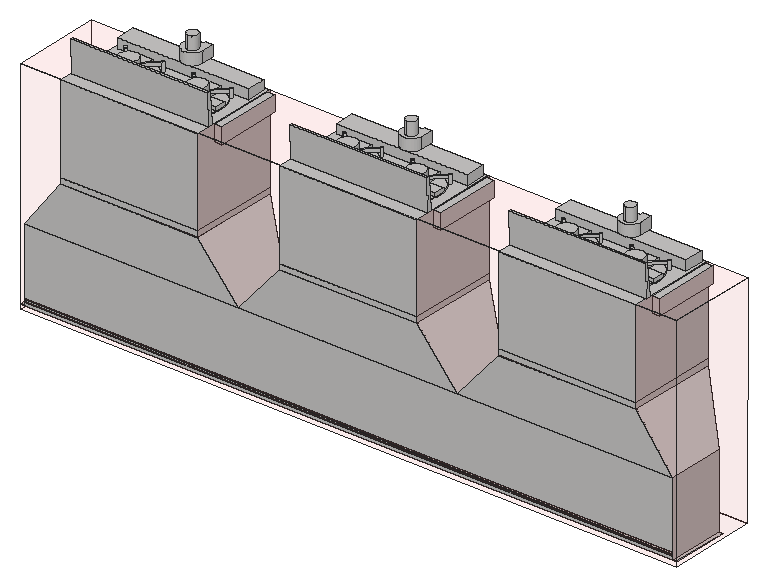
Revit family "Air-Curtain_Industrial_PoweredAire_Gas-Indirect-3Heater", category Mechanical Equipment, host Face, Revit 2020
Family settings
  Host = Face
  Round Connector Dimension = Use Diameter
  Part Type = Normal
  OmniClass Number = 23.75.35.17.21
  OmniClass Title = Air Curtains
  Cut with Voids When Loaded = No
  Shared = No
  Room Calculation Point = No
Parameters (values of type "22 ft Opening EHD 240'' Nozzle")
  topbracket [instance] = Unit Height = 1' 4 3/4"  # no
  Warranty Duration (Years) = 0
  Unit Width Notes = "Other Widths available."  # constant formula
  Unit Width = 20' - 3 3/8"
  Unit Weight = 2870
  Unit Height = 1' - 9"
  Unit Depth = 2' - 3 1/4"
  URL = "http://www.poweredaire.com/"
  Test Data = ""
  Standards Conformance = "AGA  ;  Made in USA"
  Specification = "http://www.arcat.com/sdspecs/htm04/23_34_33pai.htm"
  SpecWizard = ""
  Sound Pressure = ">71 dBA"
  Sales Information = "http://www.poweredaire.com/contact_us"
  Revision = "R1_2016-08"
  Projection from Host [instance] = 0' - 2"
  Product Properties = ""
  Product Data = "http://www.arcat.com/arcatcos/cos47/arc47623.html"
  Power Rating = 0 W
  Piping_Operating Pressure [instance] = 0.00 psi
  Pipe OD [instance] = 5/8"
  Overall Depth = 6' - 7 3/4"
  Nozzle Width = if(1 = 1, Unit Width - 0' 3", 0' 0")  # 20' - 0 3/8"
  Mounting Width = if(1 = 1, Unit Width - 0' 1 1/2", 0' 0")  # 20' - 1 7/8"
  Mounting Height [instance] = 3' - 6"
  Motor RPM = 1160
  Motor HP = 5
  Motor Count = 4
  Model = "EHD-4-240IG"
  Max Height = 22' - 0"
  Manufacturer Website = "http://www.poweredaire.com/"
  Manufacturer Phone - Toll Free = "888-321-2473"
  Manufacturer Phone = "724-588-3305"
  Manufacturer Fax = "724-588-3371"
  Manufacturer Address = "109 Mortensen Rd.  Greenville, PA 16125"
  Manufacturer = "Powered Aire, Inc"
  Maintenance Schedule (Months) = 0
  Keynote = "23 34 33"
  Installation-Fabrication = ""
  Installation Phase = ""
  Include Clearance [instance] = yes
  Heating Element Load = 0 W
  Heater Weight = 0
  Heater Hanging Width = 4' - 0 5/8"
  Heater Finish [instance] = Metal - Steel - PoweredAire - Stainless 304
  HVAC_Temperature Rise = 27 °F
  HVAC_Primary CFM = 0 CFM
  HVAC_Outlet Volume = 29100 CFM
  HVAC_Outlet Velocity Uniformity = 0.95
  HVAC_Outlet Velocity = 4400 FPM
  HVAC_Exit Temperature [instance] = 0 °F
  HVAC_BTU Output = 840000.0 Btu/h
  HVAC_BTU Input = 350000.0 Btu/h
  Green Building-LEED = "http://www.arcat.com/green/clients/leed_data_47623.html"
  Gas Connection Diameter [instance] = 0"
  Frame Finish [instance] = Metal - Steel - PoweredAire - Stainless 304
  Expected Lifespan (Years) = 0
  Exhaust Connection Diameter = 0' - 6"
  Electrical_Wattage [instance] = Power Rating + Heating Element Load  # 0 W
  Electrical_Voltage [instance] = 0 V
  Electrical_Phase [instance] = 1
  Electrical_Frequency [instance] = 0 Hz
  Electrical_Amperage [instance] = 0 A
  Drawn By = "Sumex Design, Inc. / Robert S. Weygant, CSI, CDT, SCIP"
  Description = "Powered Aire Indirect Gas Heated Industrial Air Curtain - EHD-4-240IG as Specified"
  Default Elevation = 0' - 0"  # constant formula
  Copyright = "©Arcat Inc."
  Construction Details = "http://www.arcat.com/details/powair/prod3336.html"
  Clearance_Top [instance] = 1' - 0"
  Clearance_Side B [instance] = 0' - 0"
  Clearance_Side A [instance] = 0' - 0"
  Clearance_Intake [instance] = 0' - 0"
  Clearance_Bottom [instance] = 0' - 0"
  Clearance Material [instance] = ARCAT Clearance
  Building Codes = ""
  Available Options [instance] = "as Specified"
  Assembly Code = "D3090400"
Types (5): name | Unit Width | Unit Weight | Sound Pressure | Nozzle Width | Mounting Width | Motor HP | Motor Count | Model | Max Height | HVAC_Temperature Rise | HVAC_Outlet Volume | HVAC_Outlet Velocity Uniformity | HVAC_Outlet Velocity | Description
  22 ft Opening EHD 240'' Nozzle | 20' - 3 3/8" | 2870 | ">71 dBA" | 20' - 0 3/8" | 20' - 1 7/8" | 5 | 4 | "EHD-4-240IG" | 22' - 0" | 27 °F | 29100 CFM | 0.95 | 4400 FPM | "Powered Aire Indirect Gas Heated Industrial Air Curtain - EHD-4-240IG as Specified"
  22 ft Opening EHD 228'' Nozzle | 19' - 3 3/8" | 2800 | ">71 dBA" | 19' - 0 3/8" | 19' - 1 7/8" | 5 | 4 | "EHD-4-228IG" | 22' - 0" | 27 °F | 28300 CFM | 0.94 | 4800 FPM | "Powered Aire Indirect Gas Heated Industrial Air Curtain - EHD-4-228IG as Specified"
  17 ft Opening TSD 240'' Nozzle 5 Motor | 20' - 3 1/2" | 2550 | ">69 dBA" | 20' - 0 1/2" | 20' - 2" | 3 | 5 | "TSD-5-240IG" | 17' - 0" | 34 °F | 25900 CFM | 0.951 | 3900 FPM | "Powered Aire Indirect Gas Heated Industrial Air Curtain - TSD-5-240IG as Specified"
  17 ft Opening TSD 240'' Nozzle 4 Motor | 20' - 3 3/8" | 2330 | ">69 dBA" | 20' - 0 3/8" | 20' - 1 7/8" | 3 | 4 | "TSD-4-240IG" | 17' - 0" | 38 °F | 21500 CFM | 0.863 | 3300 FPM | "Powered Aire Indirect Gas Heated Industrial Air Curtain - TSD-4-240IG as Specified"
  17 ft Opening TSD 228'' Nozzle | 19' - 3 3/8" | 2310 | ">69 dBA" | 19' - 0 3/8" | 19' - 1 7/8" | 3 | 4 | "TSD-4-228IG" | 17' - 0" | 40 °F | 20800 CFM | 0.863 | 3300 FPM | "Powered Aire Indirect Gas Heated Industrial Air Curtain - TSD-4-228IG as Specified"
Reference planes (in)
  plane 1 "Center (Elevation)": y = 0.13818
  plane 2: z = 0
  plane 3 "Center (Left/Right)": x = 0
  plane 4 "Top": y = 10.63818
  plane 5: y = -10.36182
  plane 6: x = -121.6875
  plane 7: x = 121.6875
  plane 8 "Front": z = 29.25
  plane 9 "FF": y = -41.86182
  plane 10: z = 2
  plane 11: x = 120.1875
  plane 12: x = -120.1875
  plane 13: y = 22.63818
  plane 14: y = -10.36182
  plane 15: x = -121.6875
  plane 16: x = 121.6875
  plane 17: z = 81.75
  plane 18: x = 120.125
  plane 19: x = -120.125
  plane 20: x = 120.1875
  plane 21: x = 120.1875
  plane 22: y = 8.13818
  plane 23: y = -7.86182
  plane 24: z = 81.75
  plane 25: z = 49.25
  plane 26: z = 47.25
  plane 27: x = -56.8125
  plane 28: x = -105.4375
  plane 29: x = -55.75
  plane 30: x = -106.5
  plane 31: x = 56.8125
  plane 32: x = 105.4375
  plane 33: x = 55.75
  plane 34: x = 106.5
  plane 35: x = -81.125
  plane 36: x = 81.125
  plane 37: x = -24.3125
  plane 38: x = 24.3125
  plane 39: x = -25.375
  plane 40: x = 25.375
  plane 41: x = -40.5625
  plane 42: x = 40.5625
Forms (in)
  Extrusion 1, solid, material "Metal - Steel - PoweredAire - Stainless 304" <- "Frame Finish"
    sketch origin (0, 0, 0) x (0, 1, 0) y (0, 0, 1)
      loop
        line (-10.36182, 2) -> (10.63818, 2) -> (10.63818, 29.25) -> (-10.36182, 29.25) -> (-10.36182, 2)
    from -120.1875 to 120.1875
  Extrusion 2, solid, material "ARCAT Clearance" <- "Clearance Material", visible <- "Include Clearance"
    sketch origin (0, 0, 0) x (0, 1, 0) y (0, 0, 1)
      loop
        line (-10.36182, 81.75) -> (-10.36182, 0) -> (22.63818, 0) -> (22.63818, 81.75) -> (-10.36182, 81.75)
    from -121.6875 to 121.6875
  Extrusion 3, solid, material "Metal - Steel - PoweredAire - Stainless 304" <- "Frame Finish"
    sketch origin (-15.17702, -180, 2) x (-1, 0, 0) y (0, -1, 0)
      loop
        line (-135.36452, -190.63818) -> (-135.36452, -169.63818) -> (-136.86452, -169.63818) -> (-136.86452, -190.63818) -> (-135.36452, -190.63818)
      loop
        line (105.01048, -190.63818) -> (106.51048, -190.63818) -> (106.51048, -169.63818) -> (105.01048, -169.63818) -> (105.01048, -190.63818)
    from 0 to 0.125
  Extrusion 4, solid, material "Metal - Steel - PoweredAire - Stainless 304" <- "Frame Finish", visible <- "topbracket"
    sketch origin (-11.83813, 10.63818, 48) x (-1, 0, 0) y (0, 0, 1)
      loop
        line (-132.02563, -45.5) -> (-132.02563, -42.75) -> (-133.52563, -42.75) -> (-133.52563, -45.5) -> (-132.02563, -45.5)
      loop
        line (-132.02563, -21.5) -> (-132.02563, -18.75) -> (-133.52563, -18.75) -> (-133.52563, -21.5) -> (-132.02563, -21.5)
      loop
        line (108.34937, -45.5) -> (109.84937, -45.5) -> (109.84937, -42.75) -> (108.34937, -42.75) -> (108.34937, -45.5)
      loop
        line (108.34937, -21.5) -> (109.84937, -21.5) -> (109.84937, -18.75) -> (108.34937, -18.75) -> (108.34937, -21.5)
    from 0 to -0.125
  Extrusion 5, void
    sketch origin (0, 0, 0) x (0, 1, 0) y (0, 0, 1)
      loop
        line (-10.36182, 3) -> (-9.36182, 3) -> (-9.36182, 4.5) -> (-10.36182, 4.5) -> (-10.36182, 3.82425) -> (-9.50864, 3.82425) -> (-9.50864, 3.57425) -> (-10.36182, 3.57425) -> (-10.36182, 3)
    from -120.125 to 120.125
  Blend 6, solid, material "Metal - Steel - PoweredAire - Stainless 304" <- "Frame Finish"
    base sketch origin (-15.17702, -180, 29.25) x (-1, 0, 0) y (0, -1, 0)
      loop
        line (105.01048, -190.63818) -> (105.01048, -169.63818) -> (25.38548, -169.63818) -> (25.38548, -190.63818) -> (105.01048, -190.63818)
    top sketch origin (-15.17702, -180, 29.25) x (-1, 0, 0) y (0, -1, 0)
      loop
        line (40.57298, -169.63818) -> (40.57298, -202.63818) -> (91.32298, -202.63818) -> (91.32298, -169.63818) -> (40.57298, -169.63818)
    from 0 to 18
  Blend 7, solid, material "Metal - Steel - PoweredAire - Stainless 304" <- "Frame Finish"
    base sketch origin (15.17702, -180, 29.25) x (1, 0, 0) y (0, 1, 0)
      loop
        line (105.01048, 190.63818) -> (25.38548, 190.63818) -> (25.38548, 169.63818) -> (105.01048, 169.63818) -> (105.01048, 190.63818)
    top sketch origin (15.17702, -180, 29.25) x (1, 0, 0) y (0, 1, 0)
      loop
        line (91.32298, 169.63818) -> (91.32298, 202.63818) -> (40.57298, 202.63818) -> (40.57298, 169.63818) -> (91.32298, 169.63818)
    from 0 to 18
  Blend 8, solid, material "Metal - Steel - PoweredAire - Stainless 304" <- "Frame Finish"
    base sketch origin (-61.94798, -180, 29.25) x (1, 0, 0) y (0, 1, 0)
      loop
        line (102.51048, 190.63818) -> (21.38548, 190.63818) -> (21.38548, 169.63818) -> (102.51048, 169.63818) -> (102.51048, 190.63818)
    top sketch origin (-61.94798, -180, 29.25) x (1, 0, 0) y (0, 1, 0)
      loop
        line (36.57298, 169.63818) -> (87.32298, 169.63818) -> (87.32298, 202.63818) -> (36.57298, 202.63818) -> (36.57298, 169.63818)
    from 0 to 18
Cuts and joins
  Extrusion 5 cuts Extrusion 1
Dimensions and locks (in)
  equal spacing: plane 4 "Top", plane 1 "Center (Elevation)", plane 5
  "Unit Height": plane 4 "Top" to plane 5
  "Unit Width": plane 6 to plane 7
  "Mounting Height": plane 1 "Center (Elevation)" to plane 9 "FF"
  "Projection from Host": plane 10 to level
  "Unit Depth": plane 8 "Front" to plane 10
  locked: plane 6 to plane 12 at 1.5
  locked: plane 11 to plane 7 at 1.5
  "Clearance_Side A": plane 7 to plane 16
  "Clearance_Side B": plane 15 to plane 6
  "Clearance_Top": plane 13 to plane 4 "Top"
  "Clearance_Bottom": plane 5 to plane 14
  "Clearance_Intake": plane 17 to plane 24
  Extrusion 5 sketch curve to Extrusion 5 sketch curve to Extrusion 5 sketch curve to Extrusion 5 sketch curve to plane 10 = 0' - 0.67575" locked, 0' - 0 1/4" locked, 0' - 0.57425" locked, 0' - 1" locked
  plane 5 to Extrusion 5 sketch curve to Extrusion 5 sketch curve = 0' - 0.85319" locked, 0' - 0.14681" locked
  locked: plane 19 to plane 12 at 0.0625
  locked: plane 11 to plane 18 at 0.0625
  locked: plane 20 to plane 11
  locked: plane 21 to plane 11
  locked: plane 4 "Top" to plane 22 at 2.5
  locked: plane 23 to plane 5 at 2.5
  "Overall Depth": plane 24 to plane 10
  locked: plane 25 to plane 26 at 2
  locked: plane 24 to plane 25 at 32.5
  locked: Blend 6 sketch curve to plane 5 at 33
  Extrusion 4 sketch curve to Extrusion 4 sketch curve to plane 10 = 0' - 2 3/4" locked, 0' - 0 1/2" locked  (x2)
  plane 8 "Front" to Extrusion 4 sketch curve to Extrusion 4 sketch curve = 0' - 0" locked, 0' - 2 3/4" locked  (x2)
  locked: plane 30 to plane 28 at 1.0625
  locked: plane 27 to plane 29 at 1.0625
  locked: plane 32 to plane 34 at 1.0625
  locked: plane 33 to plane 31 at 1.0625
  "Heater Hanging Width": plane 28 to plane 27
  equal spacing: plane 31, plane 36, plane 32
  "Heater Hanging Width": plane 31 to plane 32
  locked: Blend 7 sketch curve to plane 5 at 33
  locked: plane 38 to plane 40 at 1.0625
  locked: plane 39 to plane 37 at 1.0625
  equal spacing: plane 37, plane 3 "Center (Left/Right)", plane 38
  "Heater Hanging Width": plane 37 to plane 38
  equal spacing: plane 28, plane 35, plane 27
  equal spacing: plane 6, plane 35, plane 41, plane 3 "Center (Left/Right)", plane 42, plane 36, plane 7
  locked: Blend 8 sketch curve to plane 5 at 33
  aligned and locked: plane 2 to host face
  aligned and locked: level to host face
  aligned and locked: Extrusion 2 sketch curve to plane 17
  aligned and locked: plane 14 to Extrusion 2 sketch curve
  aligned and locked: level to Extrusion 2 sketch curve
  aligned and locked: Extrusion 2 sketch curve to plane 13
  aligned and locked: plane 16 to Extrusion 2
  aligned and locked: Extrusion 2 to plane 15
  aligned and locked: plane 11 to Extrusion 1
  aligned and locked: Extrusion 1 to plane 12
  aligned and locked: Extrusion 1 sketch curve to plane 8 "Front"
  aligned and locked: plane 24 to nested 1
  aligned and locked: plane 5 to Blend 6 sketch curve
  aligned and locked: plane 12 to Blend 6 sketch curve
  aligned and locked: Blend 6 sketch curve to plane 4 "Top"
  aligned and locked: Blend 6 sketch curve to plane 5
  aligned and locked: plane 26 to Blend 6
  aligned and locked: plane 35 to nested 1
  aligned and locked: plane 36 to nested 2
  aligned and locked: nested 2 to plane 24
  aligned and locked: plane 5 to Blend 7 sketch curve
  aligned and locked: plane 11 to Blend 7 sketch curve
  aligned and locked: Blend 7 sketch curve to plane 4 "Top"
  aligned and locked: plane 33 to Blend 7 sketch curve
  aligned and locked: Blend 7 sketch curve to plane 5
  aligned and locked: Blend 7 sketch curve to plane 34
  aligned and locked: plane 18 to cut or joined group of Extrusion 1, Extrusion 5
  aligned and locked: cut or joined group of Extrusion 1, Extrusion 5 to plane 19
  aligned and locked: plane 3 "Center (Left/Right)" to nested 3
  aligned and locked: plane 24 to nested 3
  aligned and locked: Blend 6 sketch curve to plane 41
  aligned and locked: Blend 7 sketch curve to plane 42
  aligned and locked: plane 30 to Blend 6 sketch curve
  aligned and locked: Blend 6 sketch curve to plane 29
  aligned and locked: Blend 8 sketch curve to plane 41
  aligned and locked: plane 42 to Blend 8 sketch curve
  aligned and locked: Blend 8 sketch curve to plane 5
  aligned and locked: Blend 8 sketch curve to plane 4 "Top"
  aligned and locked: Blend 8 sketch curve to plane 39
  aligned and locked: plane 40 to Blend 8 sketch curve
  aligned and locked: plane 26 to Blend 8
Automatic sketch dimensions
  host sketch curve to host sketch curve = 8' - 0"  (x2)
  Extrusion 1 sketch curve to plane 5 = 0' - 0"
  Extrusion 1 sketch curve to plane 4 "Top" = 0' - 0"
  Extrusion 1 sketch curve to plane 10 = 0' - 0"
  plane 4 "Top" to Extrusion 3 sketch curve = 0' - 0"
  Extrusion 3 sketch curve to plane 7 = 0' - 0"
  plane 5 to Extrusion 3 sketch curve = 0' - 0"
  Extrusion 3 sketch curve to plane 11 = 0' - 0"
  Extrusion 3 sketch curve to plane 4 "Top" = 0' - 0"
  Extrusion 3 sketch curve to plane 12 = 0' - 0"
  Extrusion 3 sketch curve to plane 6 = 0' - 0"
  Extrusion 3 sketch curve to plane 5 = 0' - 0"
  Extrusion 4 sketch curve to plane 7 = 0' - 0"  (x2)
  Extrusion 4 sketch curve to plane 11 = 0' - 0"  (x2)
  Extrusion 4 sketch curve to plane 12 = 0' - 0"  (x2)
  Extrusion 4 sketch curve to plane 6 = 0' - 0"  (x2)
  Extrusion 5 sketch curve to plane 5 = 0' - 0"  (x2)
  Blend 8 sketch curve to plane 5 = 0' - 0"
Nested families (in)
  nested 1: "Heater" at (-81.125, -10.36182, 49.2987) x (1, 0, 0) z (0, 1, 0), finish <- "Heater Finish", burner width <- "Heater Hanging Width", type "Heater"
    with finish Metal - Steel - PoweredAire - Stainless 304, burner width 4' - 0 5/8", Two Fan yes, One Fan no
  nested 2: "Heater" at (81.125, -10.36182, 49.2987) x (1, 0, 0) z (0, 1, 0), finish <- "Heater Finish", burner width <- "Heater Hanging Width", type "Heater"
    with finish Metal - Steel - PoweredAire - Stainless 304, burner width 4' - 0 5/8", Two Fan yes, One Fan no
  nested 3: "Heater" at (0, -10.36182, 49.2987) x (1, 0, 0) z (0, 1, 0), finish <- "Heater Finish", burner width <- "Heater Hanging Width", type "Heater"
    with finish Metal - Steel - PoweredAire - Stainless 304, burner width 4' - 0 5/8", Two Fan yes, One Fan no
Connectors (in)
  electrical at (-120.1875, 0.13818, 15.625), driven by "Electrical_Voltage", driven by "Electrical_Phase"
    settings: on cut or joined group of Extrusion 1, Extrusion 5, index 3, voltage 0 V, apparent load 0 VA, apparent load phase1 0 VA, apparent load phase2 0 VA, apparent load phase3 0 VA, power factor 1, load classification "Motor", number of poles 1, system type 31, power factor state 1, is connector primary yes, connector utility no, sub classification motor no, connector description ""
  hvac at (-78.125, 22.63818, 87.40625), driven by "Exhaust Connection Diameter", driven by "HVAC_Primary CFM"
    settings: on nested 1, index 4, duct flow 0 CFM, flow factor 0, pres drop 0.00 in-wg, loss coef 0, conn angle 0.00°, conn width 12", conn height 12", conn diameter 6", duct sys type 3, conn prof type 0, flow config 0, flow direction 2, loss method 0, conn ref index -1, conn util no, is conn primary yes, conn desc ""
  hvac at (84.125, 22.63818, 87.40625), driven by "HVAC_Primary CFM", driven by "Exhaust Connection Diameter"
    settings: on nested 2, index 5, duct flow 0 CFM, flow factor 0, pres drop 0.00 in-wg, loss coef 0, conn angle 0.00°, conn width 12", conn height 12", conn diameter 6", duct sys type 3, conn prof type 0, flow config 0, flow direction 2, loss method 0, conn ref index -1, conn util no, is conn primary no, conn desc ""
  hvac at (3, 22.63818, 87.40625), driven by "HVAC_Primary CFM", driven by "Exhaust Connection Diameter"
    settings: on nested 3, index 6, duct flow 0 CFM, flow factor 0, pres drop 0.00 in-wg, loss coef 0, conn angle 0.00°, conn width 12", conn height 12", conn diameter 6", duct sys type 3, conn prof type 0, flow config 0, flow direction 2, loss method 0, conn ref index -1, conn util no, is conn primary no, conn desc ""
Definition of nested family "Heater"
  Parameters
    finish [instance] = none
    burner width [instance] = 4' - 0 5/8"
    burner depth = 3' - 8 3/4"
    Two Fan [instance] = burner width > 4' 0"  # yes
    One Fan [instance] = burner width < 4' 0"  # no
    Default Elevation = 0' - 0"  # constant formula
  Reference planes (in)
    plane 1 "Center (Front/Back)": y = 0
    plane 2: z = 0
    plane 3 "Center (Left/Right)": x = 0
    plane 4: x = -25.375
    plane 5: x = 25.375
    plane 6: z = 33
    plane 7: y = -44.75
    plane 8: x = 3
    plane 9: x = 4.375
    plane 10: x = -12.6875
    plane 11: x = 12.6875
    plane 12: z = 15.5
    plane 13: x = -24.3125
    plane 14: x = 24.3125
  Forms (in)
    Extrusion 1, solid, material <- "finish"
      sketch origin (-74.94554, -3, 38.65968) x (0, 0, 1) y (1, 0, 0)
        loop
          line (-5.65968, 49.57054) -> (-5.65968, 100.32054) -> (-38.65968, 100.32054) -> (-38.65968, 49.57054) -> (-5.65968, 49.57054)
      from 3 to -29.4513
    Extrusion 2, solid, material <- "finish"
      sketch origin (0, 0, 0) x (0, 1, 0) y (0, 0, 1)
        loop
          line (2, 0) -> (2, 33) -> (0, 33) -> (0, 0) -> (2, 0)
      from -25.375 to 25.375
    Extrusion 3, solid, material <- "finish"
      sketch origin (-74.94554, -32.4513, 38.65968) x (0, 0, 1) y (1, 0, 0)
        loop
          line (-6.91591, 50.82971) -> (-6.91591, 99.10844) -> (-13.91591, 99.10844) -> (-13.91591, 50.82971) -> (-6.91591, 50.82971)
      from 0 to -3.625
    Extrusion 4, solid, material <- "finish"
      sketch origin (-74.94554, -36.0763, 38.65968) x (0, 0, 1) y (1, 0, 0)
        loop
          arc (-10.4052, 79.32054) -> (-12.67312, 72.60509) -> (-6.79809, 76.57054) r 3.74068
          line (-6.79809, 76.57054) -> (-5.65968, 76.57054) -> (-5.65968, 79.32054) -> (-10.4052, 79.32054)
      from 0 to -4.0625
    Extrusion 5, solid, material <- "finish"
      sketch origin (-73.58006, -40.1388, 35.52564) x (0, 0, -1) y (1, 0, 0)
        loop
          circle (7.27116, 74.21438) r 2
      from 4.6112 to 0
    Extrusion 6, solid, material <- "finish"
      sketch origin (0, 0, 0) x (1, 0, 0) y (0, 1, 0)
        loop
          line (28.3125, -32.4513) -> (28.3125, -26.7013) -> (25.3125, -26.7013) -> (25.3125, -32.4513) -> (28.3125, -32.4513)
      from 7.25 to 31.75
    Extrusion 7, solid, material <- "finish", visible <- "Two Fan"
      sketch origin (0, 0, 0) x (0, 1, 0) y (0, 0, 1)
        loop
          line (-32.4513, 6.22268) -> (-44.15658, 5.1986) -> (-44.15658, 4.4486) -> (-32.4513, 4.85736) -> (-32.4513, 6.22268)
      from -25.375 to 25.375
  Dimensions and locks (in)
    locked: Extrusion 4 sketch curve to Extrusion 4 sketch curve at 2.75
    "burner width": plane 13 to plane 14
    locked: plane 6 to level at 33
    "burner depth": plane 7 to plane 1 "Center (Front/Back)"
    locked: plane 8 to plane 9 at 1.375
    Extrusion 4 sketch curve to Extrusion 4 sketch curve to plane 8 = 0' - 0.99068" locked, 0' - 1 3/8" locked
    locked: Extrusion 5 sketch curve to plane 8 at 2.36568
    locked: plane 8 to plane 3 "Center (Left/Right)" at 3
    Extrusion 6 sketch curve to plane 5 to Extrusion 6 sketch curve = 0' - 0 1/16" locked, 0' - 2 15/16" locked
    equal spacing: plane 5, plane 11, plane 3 "Center (Left/Right)", plane 10, plane 4
    locked: plane 4 to plane 13 at 1.0625
    locked: plane 14 to plane 5 at 1.0625
    aligned and locked: plane 2 to level
    aligned: Extrusion 4 to Extrusion 5
    aligned: Extrusion 3 to Extrusion 2  (x2)
    aligned and locked: plane 7 to Extrusion 5
    aligned and locked: plane 4 to Extrusion 1 sketch curve
    aligned and locked: Extrusion 1 sketch curve to plane 5
    aligned and locked: Extrusion 7 to plane 4
    aligned and locked: plane 5 to Extrusion 7
    aligned and locked: plane 12 to nested 1
    aligned and locked: plane 3 "Center (Left/Right)" to nested 1
    aligned and locked: plane 12 to nested 3
    aligned and locked: plane 11 to nested 3
    aligned and locked: plane 10 to nested 2
    aligned and locked: plane 12 to nested 2
    aligned and locked: plane 5 to Extrusion 2
    aligned and locked: Extrusion 2 to plane 4
  Automatic sketch dimensions
    Extrusion 1 to Extrusion 3 sketch curve = 0' - 1.25917"
    Extrusion 1 to Extrusion 3 sketch curve = 0' - 8.25624"
    Extrusion 1 to Extrusion 3 sketch curve = 0' - 1.2121"
    Extrusion 1 to Extrusion 3 sketch curve = 0' - 1.25624"
    Extrusion 4 sketch curve to Extrusion 3 = 0' - 0.11782"
    Extrusion 4 sketch curve to Extrusion 3 = 0' - 1.25624"
    Extrusion 5 sketch curve to Extrusion 4 = 0' - 4.74552"
    Extrusion 1 sketch curve to level = 0' - 0"
    Extrusion 1 sketch curve to plane 6 = 0' - 0"
    Extrusion 2 sketch curve to level = 0' - 0"
    Extrusion 2 sketch curve to plane 1 "Center (Front/Back)" = 0' - 0"
    Extrusion 2 sketch curve to plane 6 = 0' - 0"
    Extrusion 2 sketch curve to Extrusion 2 sketch curve = 0' - 2"
    Extrusion 6 sketch curve to plane 7 = 1' - 0.2987"
    Extrusion 6 sketch curve to Extrusion 6 sketch curve = 0' - 5 3/4"
    Extrusion 7 sketch curve to plane 7 = 0' - 0.59342"
    level to Extrusion 7 sketch curve = 0' - 4.4486"
    Extrusion 7 sketch curve to Extrusion 7 sketch curve = 0' - 0 3/4"
    level to Extrusion 7 sketch curve = 0' - 4.85736"
    Extrusion 7 sketch curve to Extrusion 7 sketch curve = 0' - 11.70529"
    Extrusion 7 sketch curve to Extrusion 7 sketch curve = 0' - 1.36532"
    radius of Extrusion 5 sketch curve = 0' - 2"
  Nested families (in)
    nested 1: "FanControls" at (0, -32.4513, 15.5) x (1, 0, 0) z (0, -1, 0), finish <- "finish", visible <- "One Fan", type "FanControls"
      with finish none
    nested 2: "FanControls" at (-12.6875, -32.4513, 15.5) x (1, 0, 0) z (0, -1, 0), finish <- "finish", visible <- "Two Fan", type "FanControls"
      with finish none
    nested 3: "FanControls" at (12.6875, -32.4513, 15.5) x (1, 0, 0) z (0, -1, 0), finish <- "finish", visible <- "Two Fan", type "FanControls"
      with finish none
  Definition of nested family "FanControls"
    Parameters
      finish [instance] = none
      Default Elevation = 4' - 0"
    Reference planes (in)
      plane 1 "Center (Front/Back)": y = 0
      plane 2: z = 0
      plane 3 "Center (Left/Right)": x = 0
    Forms (in)
      Extrusion 1, solid, material <- "finish"
        sketch origin (-75.00804, 32.07233, 0) x (1, 0, 0) y (0, -1, 0)
          loop
            circle (75.00804, 32.07233) r 3.25
        from -5.33075 to 0
      Extrusion 2, solid, material <- "finish"
        sketch origin (24.44581, -78.06044, 0) x (1, 0, 0) y (0, -1, 0)
          loop
            line (-22.50831, -86.58776) -> (-22.50831, -81.58776) -> (-26.50831, -81.58776) -> (-26.50831, -86.58776) -> (-22.50831, -86.58776)
          loop
            line (-22.50831, -69.53312) -> (-26.50831, -69.53312) -> (-26.50831, -74.53312) -> (-22.50831, -74.53312) -> (-22.50831, -69.53312)
          loop
            line (-15.98099, -76.06044) -> (-20.98099, -76.06044) -> (-20.98099, -80.06044) -> (-15.98099, -80.06044) -> (-15.98099, -76.06044)
          loop
            line (-33.03563, -76.06044) -> (-33.03563, -80.06044) -> (-28.03563, -80.06044) -> (-28.03563, -76.06044) -> (-33.03563, -76.06044)
        from 0 to -1.37288
      Extrusion 3, solid, material <- "finish"
        sketch origin (-75.00804, 21.40968, 0) x (1, 0, 0) y (0, -1, 0)
          loop
            line (68.02536, 14.95733) -> (68.55569, 14.427) -> (75.00804, 20.87935) -> (81.46039, 14.427) -> (81.99072, 14.95733) -> (75.53837, 21.40968) -> (81.99072, 27.86203) -> (81.46039, 28.39236) -> (75.00804, 21.94001) -> (68.55569, 28.39236) -> (68.02536, 27.86203) -> (74.47771, 21.40968) -> (68.02536, 14.95733)
        from -3.1123 to -2
      Extrusion 4, solid, material <- "finish"
        sketch origin (-75.00804, 21.40968, 0) x (1, 0, 0) y (0, -1, 0)
          loop
            line (68.02536, 13.89667) -> (68.55569, 14.427) -> (68.02536, 14.95733) -> (67.49503, 14.427) -> (68.02536, 13.89667)
          loop
            line (82.52105, 14.427) -> (81.99072, 14.95733) -> (81.46039, 14.427) -> (81.99072, 13.89667) -> (82.52105, 14.427)
          loop
            line (81.99072, 28.92269) -> (81.46039, 28.39236) -> (81.99072, 27.86203) -> (82.52105, 28.39236) -> (81.99072, 28.92269)
          loop
            line (67.49503, 28.39236) -> (68.02536, 27.86203) -> (68.55569, 28.39236) -> (68.02536, 28.92269) -> (67.49503, 28.39236)
        from 0 to -3.1123
      Extrusion 5, solid, material <- "finish"
        sketch origin (0, 0, 0) x (1, 0, 0) y (0, 1, 0)
          loop
            circle (0, 0) r 9
        from 0 to 0.14961
    Dimensions and locks (in)
      Extrusion 4 sketch curve to Extrusion 4 sketch curve to Extrusion 4 sketch curve to Extrusion 4 sketch curve = 0' - 0.53033" locked, 0' - 0" locked, 0' - 0.53033" locked  (x4)
      Extrusion 3 sketch curve to Extrusion 3 sketch curve to Extrusion 3 sketch curve to Extrusion 3 sketch curve to Extrusion 3 sketch curve = 0' - 5.92202" locked, 0' - 0" locked, 0' - 0.53033" locked, 0' - 0" locked
      Extrusion 3 sketch curve to Extrusion 3 sketch curve to Extrusion 3 sketch curve to Extrusion 3 sketch curve to Extrusion 3 sketch curve = 0' - 0" locked, 0' - 0.53033" locked, 0' - 0" locked, 0' - 5.92202" locked
      locked: Extrusion 2 sketch curve to Extrusion 2 sketch curve at 5  (x2)
      aligned and locked: plane 2 to level
